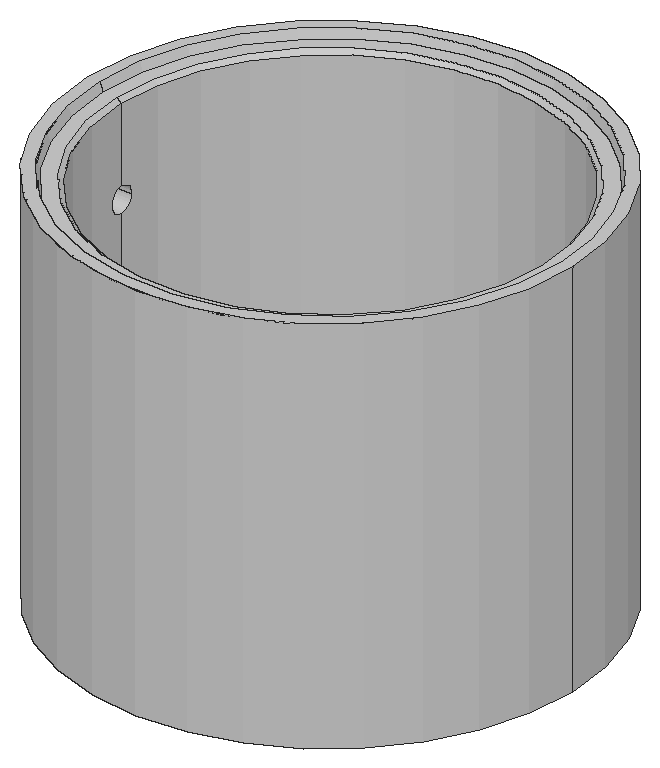
Revit family "KODF 10.9 111", category Фундамент несущей конструкции, Revit 2025
Family settings
  Материал для поведения модели = Прочее
  Заглушка = Нет
  Номер OmniClass = 23.25.05.00
  Заголовок OmniClass = Foundations
  На основе рабочей плоскости = Нет
  Всегда вертикально = Да
  При загрузке вырезать с полостями = Нет
  Общий = Нет
  Показывать семейство разрезанным на планах = Да
Parameters
  Петля = Петля_П1_П2 : П2
Reference planes
  plane 1 "По центру (Вперед/Назад)": y = -35
  plane 2: z = 0
  plane 3 "По центру (Влево/Вправо)": x = 0
  plane 4: z = 910
  plane 5: through (544.295, -4572, 890) normal (-0.9408, 0, 0.3389)
  plane 6: through (-544.295, -4572, 890) normal (-0.9408, 0, -0.3389)
  plane 7: z = 890
  plane 8: z = 880
  plane 9: through (-500, -4572, 880) normal (-0.7071, 0, -0.7071)
  plane 10: through (500, -4572, 880) normal (-0.7071, 0, 0.7071)
  plane 11: x = -500
  plane 12: x = 500
  plane 13: x = -580
  plane 14: x = 500
  plane 15: x = 580
  plane 16: x = 551.5
  plane 17: x = -551.5
  plane 18: z = 370
  plane 19: x = 570
  plane 20: x = -570
  plane 21: z = 100
  plane 22: z = 675
Forms (mm)
  Extrusion 1, solid, material "Бетон В15"
    sketch origin (0, 0, 0) x (1, 0, 0) y (0, 1, 0)
      loop
        circle (0, -35) r 580
      loop
        circle (0, -35) r 500
    from 0 to 910
  Blend 2, void
    base sketch origin (0, 0, 0) x (1, 0, 0) y (0, 1, 0)
      loop
        circle (0, -35) r 500
    top sketch origin (0, 0, 0) x (1, 0, 0) y (0, 1, 0)
      loop
        circle (0, -35) r 510
    from 880 to 890
  Blend 3, void
    base sketch origin (0, 0, 0) x (1, 0, 0) y (0, 1, 0)
      loop
        circle (0, -35) r 544.295
    top sketch origin (0, 0, 0) x (1, 0, 0) y (0, 1, 0)
      loop
        circle (0, -35) r 551.5
    from 890 to 910
  Extrusion 4, void
    sketch origin (0, 0, -20) x (0, 1, 0) y (0, 0, 1)
      loop
        circle (-35, 390) r 30
    from -570 to 570
  Extrusion 5, solid, material "Бетон В15"
    sketch origin (0, 0, 0) x (1, 0, 0) y (0, 1, 0)
      loop
        circle (0, -35) r 500
    from 0 to 100
  Extrusion 6, void
    sketch origin (0, 0, 285) x (0, 1, 0) y (0, 0, 1)
      loop
        circle (-35, 390) r 30
    from -570 to 570
Cuts and joins
  Blend 2, Blend 3, Extrusion 4, Extrusion 6 cuts Extrusion 1
  Extrusion 6 cuts Extrusion 5
  joined: Extrusion 1, Extrusion 5
Dimensions and locks
  plane 4 to level = 910 mm
  cut or joined group of Extrusion 1, Blend 2, Blend 3, Extrusion 4, Extrusion 5, Extrusion 6 to plane 18 = 370 mm
  plane 18 to level = 370 mm
  plane 22 to plane 18 = 305 mm
  aligned and locked: plane 2 to level
